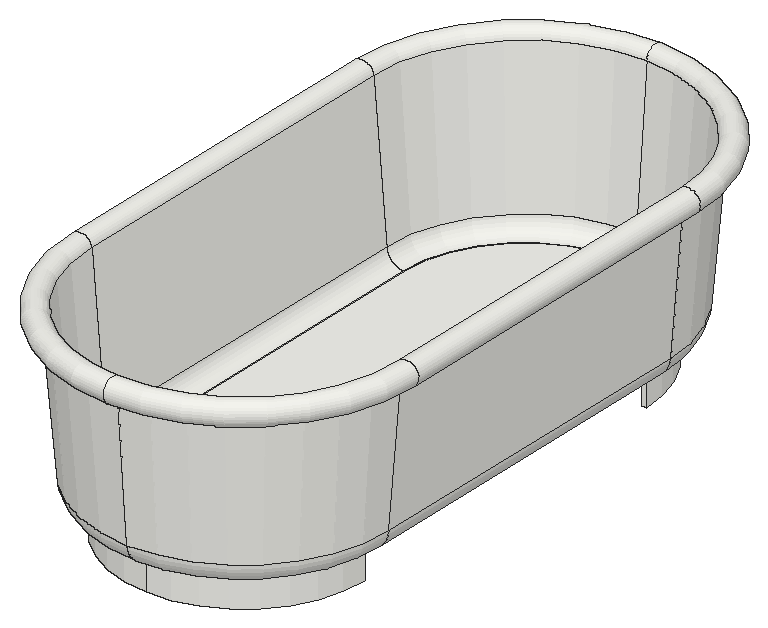
Revit family
Parameters (values of type "760 x 1525 mm")
  Hauteur = 460.00 mm
  Longueur = 1525.00 mm
  Baignoire = Porcelaine - Ivoire
  Largeur = 760.00 mm
Reference planes
  plane 1 "Centre (avant/arrière)": y = 0
  plane 2: z = 0
  plane 3 "Centre (gauche/droite)": x = 0
  plane 4: x = 380
  plane 5: x = -380
  plane 6: y = 762.5
  plane 7: y = -762.5
  plane 8: z = 434.6
  plane 9: z = 66.3
  plane 10: z = 460
Forms (mm)
  Sweep 1, solid, material "Porcelaine - Ivoire"
    path origin (0, 0, 434.6) x (1, 0, 0) y (0, 1, 0)
      loop
        arc (329.2, 382.5) -> (232.78, 615.28) -> (0, 711.7) r 329.2
        arc (0, 711.7) -> (-232.78, 615.28) -> (-329.2, 382.5) r 329.2
        line (-329.2, 382.5) -> (-329.2, -382.5)
        arc (-329.2, -382.5) -> (-232.78, -615.28) -> (0, -711.7) r 329.2
        arc (0, -711.7) -> (232.78, -615.28) -> (329.2, -382.5) r 329.2
        line (329.2, -382.5) -> (329.2, 382.5)
    profile origin (0, 0, 434.6) x (1, 0, 0) y (0, 0, 1)
      loop
        line (329.456, 3.598) -> (301.237, -318.943)
        arc (301.237, -318.943) -> (289.022, -343.713) -> (263.282, -353.723) r 38.1
        line (263.282, -353.723) -> (263.282, -368.646)
        arc (263.282, -368.646) -> (299.105, -354.716) -> (316.105, -320.244) r 53.024
        line (316.105, -320.244) -> (341.9, -25.4) -> (354.6, -25.4)
        arc (354.6, -25.4) -> (373.791, 16.64) -> (329.456, 3.598) r 25.4
  Extrusion 2, solid, material "Porcelaine - Ivoire"
    sketch origin (0, 0, 66.3) x (0, -1, 0) y (1, 0, 0)
      loop
        line (-382.5, -263.282) -> (382.5, -263.282)
        arc (382.5, -263.282) -> (568.669, -186.169) -> (645.782, 0) r 263.282
        arc (645.782, 0) -> (568.669, 186.169) -> (382.5, 263.282) r 263.282
        line (382.5, 263.282) -> (-382.5, 263.282)
        arc (-382.5, 263.282) -> (-568.669, 186.169) -> (-645.782, 0) r 263.282
        arc (-645.782, 0) -> (-568.669, -186.169) -> (-382.5, -263.282) r 263.282
    from 0 to 15.081
  Extrusion 3, solid, material "Porcelaine - Ivoire"
    sketch origin (0, 0, 0) x (1, 0, 0) y (0, 1, 0)
      loop
        arc (-263.282, -382.5) -> (-186.169, -568.669) -> (0, -645.782) r 263.282
        arc (0, -645.782) -> (186.169, -568.669) -> (263.282, -382.5) r 263.282
        line (263.282, -382.5) -> (253, -382.5)
        arc (253, -382.5) -> (178.898, -561.398) -> (0, -635.5) r 253
        arc (0, -635.5) -> (-178.898, -561.398) -> (-253, -382.5) r 253
        line (-253, -382.5) -> (-263.282, -382.5)
    from 0 to 66.3
  Extrusion 4, solid, material "Porcelaine - Ivoire"
    sketch origin (0, 0, 0) x (1, 0, 0) y (0, 1, 0)
      loop
        arc (-253, 382.5) -> (-178.898, 561.398) -> (0, 635.5) r 253
        arc (0, 635.5) -> (178.898, 561.398) -> (253, 382.5) r 253
        line (253, 382.5) -> (263.282, 382.5)
        arc (263.282, 382.5) -> (186.169, 568.669) -> (0, 645.782) r 263.282
        arc (0, 645.782) -> (-186.169, 568.669) -> (-263.282, 382.5) r 263.282
        line (-263.282, 382.5) -> (-253, 382.5)
    from 0 to 66.3
Lines and regions (mm)
  symbolic lines
    curve 1: line (-25.4, 762.5, 0) -> (25.4, 762.5, 0)
    curve 2: line (-380, -407.9, 0) -> (-380, 407.9, 0)
    curve 3: line (25.4, -762.5, 0) -> (-25.4, -762.5, 0)
    curve 4: line (380, 407.9, 0) -> (380, -407.9, 0)
    curve 5: arc (-25.4, 762.5, 0) -> (-276.14, 658.64, 0) -> (-380, 407.9, 0) r 354.6
    curve 6: arc (25.4, 762.5, 0) -> (276.14, 658.64, 0) -> (380, 407.9, 0) r 354.6
    curve 7: arc (-25.4, -762.5, 0) -> (-276.14, -658.64, 0) -> (-380, -407.9, 0) r 354.6
    curve 8: arc (380, -407.9, 0) -> (276.14, -658.64, 0) -> (25.4, -762.5, 0) r 354.6
    curve 9: line (-329.2, -382.5, 0) -> (-329.2, 382.5, 0)
    curve 10: line (329.2, 382.5, 0) -> (329.2, -382.5, 0)
    curve 11: arc (-329.2, 382.5, 0) -> (0, 711.7, 0) -> (329.2, 382.5, 0) r 329.2
    curve 12: arc (-329.2, -382.5, 0) -> (0, -711.7, 0) -> (329.2, -382.5, 0) r 329.2
    curve 13: arc (25.4, 407.9, 0) -> (0, 433.3, 0) -> (-25.4, 407.9, 0) r 25.4
    curve 14: arc (-25.4, 407.9, 0) -> (0, 382.5, 0) -> (25.4, 407.9, 0) r 25.4
Dimensions and locks
  equal spacing: plane 5, plane 3 "Centre (gauche/droite)", plane 4
  equal spacing: plane 7, plane 1 "Centre (avant/arrière)", plane 6
  "Largeur": plane 5 to plane 4
  "Longueur": plane 7 to plane 6
  locked: plane 9 to plane 8 at 368.3
  locked: plane 8 to plane 10 at 25.4
  "Hauteur": plane 2 to plane 10
  locked: Sweep 1 sketch curve to plane 6 at 50.8
  locked: plane 7 to Sweep 1 sketch curve at 50.8
  locked: plane 7 to Extrusion 2 sketch curve at 116.718
  locked: plane 7 to Extrusion 3 sketch curve at 116.718
  locked: Extrusion 4 sketch curve to plane 6 at 116.718
  locked: Extrusion 4 sketch curve to plane 4 at 116.718
  aligned and locked: Extrusion 3 to plane 9
  aligned and locked: Extrusion 4 to plane 9
Automatic sketch dimensions
  curve 7 to plane 5 = 0.00 mm
  curve 5 to plane 6 = 0.00 mm
  curve 3 to plane 7 = 0.00 mm
  curve 13 to plane 3 "Centre (gauche/droite)" = 0.00 mm
  curve 11 to plane 3 "Centre (gauche/droite)" = 0.00 mm
  curve 4 to plane 4 = 0.00 mm
  curve 11 to plane 5 = 50.80 mm
  curve 14 to plane 3 "Centre (gauche/droite)" = 25.40 mm
  curve 5 to plane 3 "Centre (gauche/droite)" = 25.40 mm
  curve 7 to plane 3 "Centre (gauche/droite)" = 25.40 mm
  plane 3 "Centre (gauche/droite)" to curve 3 = 25.40 mm
  curve 6 to curve 13 = 0.00 mm
  curve 4 to curve 10 = 25.40 mm
  curve 9 to curve 2 = 25.40 mm
  curve 13 to curve 6 = 0.00 mm
  Sweep 1 sketch curve to plane 8 = 0.00 mm
  profile plane to Sweep 1 sketch curve = 65.918 mm
  profile plane to Sweep 1 sketch curve = 27.963 mm
  profile plane to Sweep 1 sketch curve = 13.095 mm
  Sweep 1 sketch curve to profile plane = 0.256 mm
  Sweep 1 sketch curve to profile plane = 12.70 mm
  Sweep 1 sketch curve to Sweep 1 sketch curve = 12.70 mm
  Sweep 1 sketch curve to Sweep 1 sketch curve = 25.40 mm
  Sweep 1 sketch curve to Sweep 1 sketch curve = 290.223 mm
  Sweep 1 sketch curve to Sweep 1 sketch curve = 0.00 mm
  Sweep 1 sketch curve to Sweep 1 sketch curve = 3.321 mm
  Sweep 1 sketch curve to Sweep 1 sketch curve = 1.301 mm
  Sweep 1 sketch curve to plane 3 "Centre (gauche/droite)" = 0.00 mm  (x2)
  Sweep 1 sketch curve to plane 5 = 50.80 mm
  plane 4 to Sweep 1 sketch curve = 50.80 mm
  Extrusion 2 sketch curve to plane 3 "Centre (gauche/droite)" = 0.00 mm  (x2)
  plane 6 to Extrusion 2 sketch curve = 116.718 mm
  plane 4 to Extrusion 2 sketch curve = 116.718 mm
  Extrusion 2 sketch curve to Extrusion 2 sketch curve = 0.00 mm
  Extrusion 3 sketch curve to plane 3 "Centre (gauche/droite)" = 0.00 mm  (x2)
  Extrusion 3 sketch curve to plane 5 = 127.00 mm
  Extrusion 3 sketch curve to Extrusion 3 sketch curve = 10.282 mm
  plane 4 to Extrusion 3 sketch curve = 127.00 mm
  Extrusion 4 sketch curve to plane 3 "Centre (gauche/droite)" = 0.00 mm  (x2)
  Extrusion 4 sketch curve to plane 5 = 127.00 mm
  Extrusion 4 sketch curve to Extrusion 4 sketch curve = 10.282 mm
